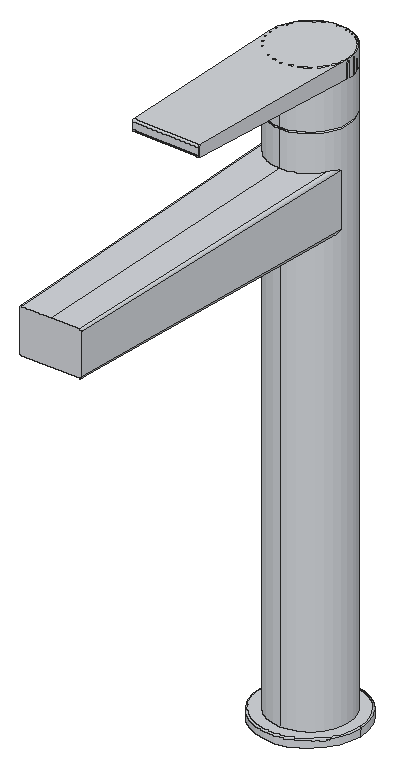
Revit family "Faucet-Lavatory-KOHLER-TAUT-K-29582IN_1", category Plumbing Fixtures, host Face, Revit 2017
Family settings
  Host = Face
  Round Connector Dimension = Use Diameter
  Part Type = Normal
  OmniClass Number = 23.31.11.00
  OmniClass Title = Faucets
  Cut with Voids When Loaded = No
  Shared = No
  Room Calculation Point = No
Parameters (values of type "CP-Polished Chrome")
  Width = 1.77165"  # constant formula
  WaterSense Certified = 1 = 0  # no
  Waste Water Outlet = "Waste Water Outlet"  # constant formula
  Waste Connection = 1 = 0  # no
  Vent Connection = 1 = 0  # no
  URL = "https://www.kohler.co.in/"
  Type = 1
  Spout Reach = 5.07874"  # constant formula
  Product Page URL = "https://www.kohler.co.in/product-detail/29582in-4?skuid=K-29582IN-4-CP"
  Product Name = "TAUT"  # constant formula
  Product Documentation Link = ""
  Pressure = 0.00 psi
  Model = "K-29582IN-4-CP"  # constant formula
  Material = "Brass Construction"  # constant formula
  Master Format 2014 Name = "Residential Faucets, Supplies, and Trim"  # constant formula
  Master Format 2014 = "22 41 39"  # constant formula
  Manufacturer Address = "Ambience Office Tower NH-8 Gurgaon / Gurugram Haryana , 122001\r\n"  # constant formula
  Manufacturer = "KOHLER Co."  # constant formula
  Length = Spout Reach  # 5.07874"
  Hot Water Inlet = "Hot Water Inlet"  # constant formula
  Height = 10.59055"  # constant formula
  Handle Clearance = 3.14961"  # constant formula
  HW Connection = 1 = 0  # no
  Flow Rate = 0 GPM
  Finish = Kohler-Metal-CP-Polished_Chrome
  Environmental Product Declaration = ""
  Drain Included = 1 = 0  # no
  Description = "Tall pillar tap-flat handle"  # constant formula
  Default Elevation = 36"
  Declare Label = ""
  Date Modified = "12/31/2020"  # constant formula
  Date Created = "12/31/2020"  # constant formula
  Copyright = "Copyright KOHLER Co."  # constant formula
  Contact Us = "https://www.kohler.co.in/contact-us"
  Cold Water Inlet = "Cold Water Inlet"  # constant formula
  CW Connection = 1 = 1  # yes
  Assembly Code = "D2010"
  ADA Compliant = 1 = 0  # no
Reference planes (in)
  plane 1 "Center (Front/Back)": y = 0
  plane 2: z = 0
  plane 3 "Center (Left/Right)": x = 0
  plane 4: x = 0.88652
  plane 5: x = -0.88513
  plane 6: y = 0.88773
  plane 7: y = -0.88773
  plane 8: z = 10.59055
  plane 9: y = -5.07874
  plane 10: x = -0.66929
  plane 11: x = 0.66929
  plane 12: y = -3.14961
  plane 13: z = 7.83465
Dimensions and locks (in)
  "Spout Reach": plane 1 "Center (Front/Back)" to plane 9
  "Height": level to plane 8
  plane 6 to plane 7 = 1.77546"
  locked: plane 11 to plane 10 at 1.33858
  "Width": plane 5 to plane 4
  "Handle Clearance": plane 12 to plane 1 "Center (Front/Back)"
  plane 13 to level = 7.83465"
  aligned and locked: plane 2 to host face
  aligned and locked: level to host face
Automatic sketch dimensions
  host sketch curve to host sketch curve = 96"  (x2)
Nested families (in)
  nested 1: "K-29582IN" at (0, 0, 0), type "K-29582IN"
Connectors (in)
  piping at (0, 0, 0), diameter 0.5, driven by "CW Connection", driven by "Cold Water Inlet"
    settings: on nested 1, index 1, connector inside diameter 24", connector length 0", flow factor 0, pipe flow 0 GPM, pressure drop 0.00 psi, fitting loss kfactor 0, connector angle 0.00°, fixture units 0, engagement length 0", angle of deflection 0.00°, flow configuration 0, flow direction 1, fitting loss method 0, system type 20, joint type 0, gender type 0, connector reference index -1, connector utility 1, adjustable connector no, is connector primary yes, connector description "Cold Water Inlet"
Definition of nested family "K-29582IN"
  Parameters (values of type "K-29582IN")
    Material = none
  Reference planes (in)
    plane 1 "Center (Front/Back)": y = 0
    plane 2: z = 0
    plane 3 "Center (Left/Right)": x = 0
    plane 4: y = -5.68758
    plane 5: y = -0.88773
    plane 6: x = 0.88652
    plane 7: y = -1.92524
    plane 8: z = 10.57067
    plane 9: y = -5.07874
    plane 10: z = 7.83465
    plane 11: z = 0.13781
    plane 12: y = 0.66929
    plane 13: y = -0.66929
    plane 14: y = 0.88773
    plane 15: x = -0.88652
  Forms (in)
    Sweep 1, solid, material <- "Material", detail levels medium+fine
      path origin (0, 0, 0) x (1, 0, 0) y (0, 1, 0)
        loop
          circle (0, 0) r 0.888
      profile origin (0, 0.888, 0) x (0, -1, 0) y (0, 0, 1)
        loop
          line (0, 0) -> (0.05267, 0) -> (0.05267, 0.13781) -> (0.02174, 0.13781)
          arc (0.02174, 0.13781) -> (0.00781, 0.13211) -> (0.00188, 0.11827) r 0.01986
          line (0.00188, 0.11827) -> (0, 0)
    Extrusion 2, solid, material <- "Material", detail levels medium+fine
      sketch origin (0, 0, 0) x (1, 0, 0) y (0, 1, 0)
        loop
          circle (0, 0) r 0.83534
      from 0 to 0.1378
    Revolve 3, solid, material <- "Material", detail levels medium+fine
      sketch origin (0, 0, 0) x (0, 1, 0) y (0, 0, 1)
        loop
          line (0, 0.13781) -> (0.66828, 0.13781) -> (0.66828, 9.533) -> (0.56099, 9.533) -> (0.56099, 9.56463) -> (0.66828, 9.56463) -> (0.66828, 10.5473)
          arc (0.66828, 10.5473) -> (0.66202, 10.56241) -> (0.64691, 10.56867) r 0.02137
          line (0.64691, 10.56867) -> (0, 10.56867) -> (0, 0.13781)
        axis (0, 10.56867) -> (0, 0.13781)
      angle from 0 to 360
    Blend 4, solid, material <- "Material", detail levels medium+fine
      base sketch origin (0, 0, -0.15247) x (1, 0, 0) y (0, 0, 1)
        loop
          arc (-0.5948, 9.0864) -> (-0.63775, 9.06861) -> (-0.65554, 9.02566) r 0.06074
          line (-0.65554, 9.02566) -> (-0.65554, 8.09553)
          arc (-0.65554, 8.09553) -> (-0.63775, 8.05258) -> (-0.5948, 8.03479) r 0.06074
          line (-0.5948, 8.03479) -> (0, 8.03479) -> (0.5948, 8.03479)
          arc (0.5948, 8.03479) -> (0.63775, 8.05258) -> (0.65554, 8.09553) r 0.06074
          line (0.65554, 8.09553) -> (0.65554, 9.02566)
          arc (0.65554, 9.02566) -> (0.63775, 9.06861) -> (0.5948, 9.0864) r 0.06074
          line (0.5948, 9.0864) -> (0, 9.0864) -> (-0.5948, 9.0864)
      top sketch origin (0, 0, -0.15247) x (1, 0, 0) y (0, 0, 1)
        loop
          line (0, 8.91904) -> (-0.51055, 8.91904)
          arc (-0.51055, 8.91904) -> (-0.53354, 8.90952) -> (-0.54307, 8.88652) r 0.03252
          line (-0.54307, 8.88652) -> (-0.54307, 8.17955)
          arc (-0.54307, 8.17955) -> (-0.53354, 8.15656) -> (-0.51055, 8.14703) r 0.03252
          line (-0.51055, 8.14703) -> (0, 8.14703) -> (0.51055, 8.14703)
          arc (0.51055, 8.14703) -> (0.53354, 8.15656) -> (0.54307, 8.17955) r 0.03252
          line (0.54307, 8.17955) -> (0.54307, 8.88652)
          arc (0.54307, 8.88652) -> (0.53354, 8.90952) -> (0.51055, 8.91904) r 0.03252
          line (0.51055, 8.91904) -> (0, 8.91904)
      from -0.05354 to 5.68758
    Revolve 5, solid, material <- "Material", detail levels medium+fine
      sketch origin (0, 0, 0) x (0, 1, 0) y (0, 0, 1)
        loop
          line (-4.74148, 7.86639) -> (-4.72346, 7.92187) -> (-4.52595, 8.02251) -> (-5.01149, 8.18027) -> (-5.10652, 7.88779)
          arc (-5.10652, 7.88779) -> (-4.9776, 7.85911) -> (-4.84556, 7.8622) r 0.54627
          line (-4.84556, 7.8622) -> (-4.77146, 7.83812)
          arc (-4.77146, 7.83812) -> (-4.75286, 7.84843) -> (-4.74148, 7.86639) r 0.04294
        axis (-5.01149, 8.18027) -> (-5.10652, 7.88779)
      angle from 0 to 360
    Revolve 6, solid, material <- "Material", detail levels coarse
      sketch origin (0, 0, 0) x (0, 1, 0) y (0, 0, 1)
        loop
          line (0, 0) -> (1.05382, 0) -> (1.05382, 0.19685) -> (0.75474, 0.19685) -> (0.75474, 10.60311) -> (0, 10.60311) -> (0, 0)
        axis (0, 10.60311) -> (0, 0)
      angle from 0 to 360
    Extrusion 7, solid, material <- "Material", detail levels coarse
      sketch origin (0, 0, 0) x (0, 1, 0) y (0, 0, 1)
        loop
          line (-0.21003, 9.27579) -> (-5.68758, 8.8684) -> (-5.68758, 7.69935) -> (-0.21003, 7.22013) -> (-0.21003, 9.27579)
      from -0.65554 to 0.65554
    Extrusion 8, solid, material <- "Material"
      sketch origin (0, 0, 0) x (1, 0, 0) y (0, 1, 0)
        loop
          circle (0, 0) r 0.11634
      from 0 to 0.06786
    Extrusion 9, solid, material <- "Material", detail levels medium+fine
      sketch origin (0, 0, 0) x (0, 1, 0) y (0, 0, 1)
        loop
          line (-3.16544, 10.53995) -> (-3.16544, 10.41485)
          arc (-3.16544, 10.41485) -> (-3.15587, 10.39175) -> (-3.13277, 10.38219) r 0.03267
          line (-3.13277, 10.38219) -> (0.72063, 10.24008) -> (0.72063, 10.57105) -> (-3.13434, 10.57105)
          arc (-3.13434, 10.57105) -> (-3.15633, 10.56194) -> (-3.16544, 10.53995) r 0.03109
      from -0.95083 to 0.97432
    Extrusion 10, void
      sketch origin (0, 0, 0) x (1, 0, 0) y (0, 1, 0)
        loop
          line (-0.54881, -3.17774) -> (0.5486, -3.17774)
          arc (0.5486, -3.17774) -> (0.5707, -3.16877) -> (0.5803, -3.14693) r 0.03171
          line (0.5803, -3.14693) -> (0.6693, -0.02021)
          arc (0.6693, -0.02021) -> (0, 0.66841) -> (-0.6693, -0.02021) r 0.66957
          line (-0.6693, -0.02021) -> (-0.58029, -3.14714)
          arc (-0.58029, -3.14714) -> (-0.57076, -3.16883) -> (-0.54881, -3.17774) r 0.0315
        loop
          line (1.04334, 0.97117) -> (-1.12201, 0.97117) -> (-1.12201, -3.55639) -> (1.04334, -3.55639) -> (1.04334, 0.97117)
      from 9.91743 to 10.95036
    Extrusion 11, solid, material <- "Material", detail levels coarse
      sketch origin (0, 0, 0) x (1, 0, 0) y (0, 1, 0)
        loop
          line (-0.6693, -3.17774) -> (0.6693, -3.17774) -> (0.6693, 0.00555)
          arc (0.6693, 0.00555) -> (0, 0.67486) -> (-0.6693, 0.00555) r 0.6693
          line (-0.6693, 0.00555) -> (-0.6693, -3.17774)
      from 10.23925 to 10.57105
  Cuts and joins
    joined: Sweep 1, Extrusion 2
    Extrusion 10 cuts Extrusion 9
    joined: Revolve 3, Blend 4
    joined: Revolve 6, Extrusion 7
  Lines and regions (in)
    Masking region 1
      outline origin (0, 0, 0) x (0, 1, 0) y (0, 0, 1)
        loop
          line (0, 0) -> (0.88773, 0) -> (0.88578, 0.11815)
          arc (0.88578, 0.11815) -> (0.87933, 0.13255) -> (0.86446, 0.13781) r 0.02003
          line (0.86446, 0.13781) -> (0.66929, 0.13781) -> (0.66929, 9.533) -> (0.56099, 9.533) -> (0.56099, 9.56463) -> (0.66929, 9.56463) -> (0.66929, 10.54884)
          arc (0.66929, 10.54884) -> (0.66258, 10.5646) -> (0.64656, 10.57067) r 0.02185
          line (0.64656, 10.57067) -> (-3.12953, 10.57067)
          arc (-3.12953, 10.57067) -> (-3.15456, 10.56358) -> (-3.16544, 10.53995) r 0.03109
          line (-3.16544, 10.53995) -> (-3.16544, 10.41485)
          arc (-3.16544, 10.41485) -> (-3.15587, 10.39175) -> (-3.13277, 10.38219) r 0.03267
          line (-3.13277, 10.38219) -> (-0.7455, 10.24902)
          arc (-0.7455, 10.24902) -> (-0.69136, 10.22389) -> (-0.66929, 10.16843) r 0.08071
          line (-0.66929, 10.16843) -> (-0.66929, 9.56463) -> (-0.56099, 9.56463) -> (-0.56099, 9.533) -> (-0.66929, 9.533)
          arc (-0.66929, 9.533) -> (-0.84407, 9.07883) -> (-1.2894, 8.88262) r 0.6335
          line (-1.2894, 8.88262) -> (-5.68758, 8.79126) -> (-5.68758, 8.03719)
          arc (-5.68758, 8.03719) -> (-5.67659, 8.0067) -> (-5.64867, 7.99023) r 0.0478
          arc (-5.64867, 7.99023) -> (-5.44368, 7.96052) -> (-5.23689, 7.94858) r 2.40194
          arc (-5.23689, 7.94858) -> (-5.17317, 7.91505) -> (-5.10652, 7.88779) r 0.74876
          arc (-5.10652, 7.88779) -> (-4.9776, 7.85911) -> (-4.84556, 7.8622) r 0.54627
          line (-4.84556, 7.8622) -> (-4.77146, 7.83812)
          arc (-4.77146, 7.83812) -> (-4.75286, 7.84843) -> (-4.74148, 7.86639) r 0.04294
          line (-4.74148, 7.86639) -> (-4.72894, 7.90499)
          arc (-4.72894, 7.90499) -> (-4.66447, 7.88195) -> (-4.60115, 7.85591) r 1.45905
          arc (-4.60115, 7.85591) -> (-3.83928, 7.84263) -> (-3.07753, 7.82333) r 96.37776
          arc (-3.07753, 7.82333) -> (-2.57296, 7.81659) -> (-2.06851, 7.80312) r 37.85739
          arc (-2.06851, 7.80312) -> (-1.7513, 7.79168) -> (-1.43534, 7.76134) r 5.31971
          arc (-1.43534, 7.76134) -> (-0.89069, 7.50351) -> (-0.66929, 6.94306) r 0.82006
          line (-0.66929, 6.94306) -> (-0.66929, 0.13781) -> (-0.86446, 0.13781)
          arc (-0.86446, 0.13781) -> (-0.87933, 0.13255) -> (-0.88578, 0.11815) r 0.02003
          line (-0.88578, 0.11815) -> (-0.88773, 0) -> (0, 0)
    Masking region 2
      outline origin (0, 0, 0) x (1, 0, 0) y (0, 0, 1)
        loop
          line (0, 0) -> (0.8866, 0) -> (0.88473, 0.1182)
          arc (0.88473, 0.1182) -> (0.8785, 0.13236) -> (0.86401, 0.13781) r 0.01995
          line (0.86401, 0.13781) -> (0.66929, 0.13781) -> (0.66929, 9.533) -> (0.56099, 9.533) -> (0.56099, 9.56463) -> (0.66929, 9.56463) -> (0.66929, 10.54924)
          arc (0.66929, 10.54924) -> (0.66116, 10.56736) -> (0.64222, 10.57333) r 0.02425
          line (0.64222, 10.57333) -> (0, 10.57333) -> (-0.64222, 10.57333)
          arc (-0.64222, 10.57333) -> (-0.66116, 10.56736) -> (-0.66929, 10.54924) r 0.02425
          line (-0.66929, 10.54924) -> (-0.66929, 9.56463) -> (-0.56099, 9.56463) -> (-0.56099, 9.533) -> (-0.66929, 9.533) -> (-0.66929, 0.13781) -> (-0.86401, 0.13781)
          arc (-0.86401, 0.13781) -> (-0.8785, 0.13236) -> (-0.88473, 0.1182) r 0.01995
          line (-0.88473, 0.1182) -> (-0.8866, 0) -> (0, 0)
    Masking region 3
      outline origin (0, 0, 0) x (1, 0, 0) y (0, 1, 0)
        loop
          line (-0.64354, -0.61189) -> (-0.54307, -5.68758) -> (0.54307, -5.68758) -> (0.64354, -0.61189)
          arc (0.64354, -0.61189) -> (0.82463, -0.32946) -> (0.888, 0) r 0.888
          arc (0.888, 0) -> (0, 0.888) -> (-0.888, 0) r 0.888
          arc (-0.888, 0) -> (-0.82463, -0.32946) -> (-0.64354, -0.61189) r 0.888
    symbolic lines, detail levels medium+fine
      curve 1: line (0, 0.66929, 0.13781) -> (0, -0.66929, 0.13781)
      curve 2: line (0, 0.66929, 9.533) -> (0, -0.66929, 9.533)
      curve 3: line (0, 0.66929, 9.56463) -> (0, -0.66929, 9.56463)
      curve 4: line (0, 0, 0.13781) -> (-0.66929, 0, 0.13781)
      curve 5: line (0.66929, 0, 0.13781) -> (0, 0, 0.13781)
      curve 6: line (0, 0, 9.533) -> (-0.66929, 0, 9.533)
      curve 7: line (0.66929, 0, 9.533) -> (0, 0, 9.533)
      curve 8: line (0, 0, 9.56463) -> (-0.66929, 0, 9.56463)
      curve 9: line (0.66929, 0, 9.56463) -> (0, 0, 9.56463)
      curve 10: line (-0.51055, 0, 7.99536) -> (0, 0, 7.99536)
      curve 11: arc (-0.54307, 0, 8.02788) -> (-0.53354, 0, 8.00489) -> (-0.51055, 0, 7.99536) r 0.03252
      curve 12: line (-0.54307, 0, 8.73485) -> (-0.54307, 0, 8.02788)
      curve 13: arc (-0.51055, 0, 8.76737) -> (-0.53354, 0, 8.75785) -> (-0.54307, 0, 8.73485) r 0.03252
      curve 14: line (0, 0, 8.76737) -> (-0.51055, 0, 8.76737)
      curve 15: line (0.51055, 0, 8.76737) -> (0, 0, 8.76737)
      curve 16: arc (0.54307, 0, 8.73485) -> (0.53354, 0, 8.75785) -> (0.51055, 0, 8.76737) r 0.03252
      curve 17: line (0.54307, 0, 8.02788) -> (0.54307, 0, 8.73485)
      curve 18: arc (0.51055, 0, 7.99536) -> (0.53354, 0, 8.00489) -> (0.54307, 0, 8.02788) r 0.03252
      curve 19: line (0, 0, 7.99536) -> (0.51055, 0, 7.99536)
      curve 20: spline (0, 0, 7.91872) -> (-0.02229, 0, 7.91941) -> (-0.0441, 0, 7.92147) -> (-0.06497, 0, 7.92487) -> (-0.08443, 0, 7.92951) -> (-0.10207, 0, 7.93531) -> (-0.11752, 0, 7.94214) -> (-0.13043, 0, 7.94985) -> (-0.14054, 0, 7.95828) -> (-0.14762, 0, 7.96724) -> (-0.15152, 0, 7.97654) -> (-0.15215, 0, 7.98598) -> (-0.14951, 0, 7.99536)
      curve 21: spline (0, 0, 7.91872) -> (0.02229, 0, 7.91941) -> (0.0441, 0, 7.92147) -> (0.06497, 0, 7.92487) -> (0.08443, 0, 7.92951) -> (0.10207, 0, 7.93531) -> (0.11752, 0, 7.94214) -> (0.13043, 0, 7.94985) -> (0.14054, 0, 7.95828) -> (0.14762, 0, 7.96724) -> (0.15152, 0, 7.97654) -> (0.15215, 0, 7.98598) -> (0.14951, 0, 7.99536)
      curve 22: line (-0.53354, 0, 8.75785) -> (-0.64994, 0, 8.87424)
      curve 23: arc (-0.64994, 0, 8.87424) -> (-0.66599, 0, 8.91444) -> (-0.66929, 0, 8.9576) r 0.14311
      curve 24: line (-0.53354, 0, 8.00489) -> (-0.64994, 0, 7.88849)
      curve 25: arc (-0.64994, 0, 7.88849) -> (-0.66599, 0, 7.84829) -> (-0.66929, 0, 7.80514) r 0.14311
      curve 26: line (0.53354, 0, 8.75785) -> (0.64994, 0, 8.87424)
      curve 27: arc (0.64994, 0, 8.87424) -> (0.66599, 0, 8.91444) -> (0.66929, 0, 8.9576) r 0.14311
      curve 28: line (0.53354, 0, 8.00489) -> (0.64994, 0, 7.88849)
      curve 29: arc (0.64994, 0, 7.88849) -> (0.66599, 0, 7.84829) -> (0.66929, 0, 7.80514) r 0.14311
      curve 30: arc (0, 0.66929, 0) -> (-0.46421, 0.48214, 0) -> (-0.66881, 0.02535, 0) r 0.66929
      curve 31: arc (0.66881, 0.02535, 0) -> (0.46421, 0.48214, 0) -> (0, 0.66929, 0) r 0.66929
      curve 32: line (0, 0.05269, 0) -> (-0.26703, 0.05269, 0)
      curve 33: line (-0.26703, 0.05269, 0) -> (-0.26703, 0, 0)
      curve 34: line (0, -0.05269, 0) -> (-0.26703, -0.05269, 0)
      curve 35: line (-0.26703, -0.05269, 0) -> (-0.26703, 0, 0)
      curve 36: line (0, 0.05269, 0) -> (0.26703, 0.05269, 0)
      curve 37: line (0.26703, 0.05269, 0) -> (0.26703, 0, 0)
      curve 38: line (0, -0.05269, 0) -> (0.26703, -0.05269, 0)
      curve 39: line (0.26703, -0.05269, 0) -> (0.26703, 0, 0)
      curve 40: arc (0, -4.98735, 7.95816) -> (0, -5.24314, 7.96454) -> (0, -5.49896, 7.96901) r 34.1936
      curve 41: arc (0, -4.98735, 7.95816) -> (0, -4.85668, 7.93872) -> (0, -4.72894, 7.90499) r 1.19693
      curve 42: line (0, -4.74148, 7.86639) -> (0, -5.02738, 7.95929)
      curve 43: line (0, -3.08313, 10.38035) -> (0, -0.02216, 10.2972)
      curve 44: arc (0, -0.02216, 10.2972) -> (0, -0.34134, 10.21077) -> (0, -0.66929, 10.16843) r 2.4325
      curve 45: line (-0.57378, 0, 10.53995) -> (-0.57378, 0, 10.41485)
      curve 46: line (-0.5807, 0, 10.38219) -> (-0.6693, 0, 10.2674)
      curve 47: line (-0.5807, 0, 10.38219) -> (0.5807, 0, 10.38219)
      curve 48: line (0.6693, 0, 10.2674) -> (0.5807, 0, 10.38219)
      curve 49: line (0.57368, 0, 10.41225) -> (0.57368, 0, 10.5374)
      curve 50: arc (-0.54696, 0, 10.57105) -> (-0.56615, 0, 10.56048) -> (-0.57378, 0, 10.53995) r 0.03144
      curve 51: arc (-0.57378, 0, 10.41485) -> (-0.565, 0, 10.39253) -> (-0.54335, 0, 10.38219) r 0.03275
      curve 52: arc (0.54696, 0, 10.57105) -> (0.56696, 0, 10.5595) -> (0.57368, 0, 10.5374) r 0.03144
      curve 53: arc (0.57368, 0, 10.41225) -> (0.56409, 0, 10.3916) -> (0.54335, 0, 10.38219) r 0.03275
      curve 54: arc (-0.6693, 0, 10.2674) -> (0, 0, 10.23468) -> (0.6693, 0, 10.2674) r 6.86023
      curve 55: arc (-0.66881, 0.02535, 0) -> (-0.66363, -0.29357, 0) -> (-0.64354, -0.61189, 0) r 6.81332
      curve 56: arc (0.66881, 0.02535, 0) -> (0.66363, -0.29357, 0) -> (0.64354, -0.61189, 0) r 6.81332
      curve 57: line (-0.58027, -3.14808, 0) -> (-0.63099, -1.24576, 0)
      curve 58: line (0.63386, -1.10085, 0) -> (0.5802, -3.15054, 0)
      curve 59: line (-0.56241, -3.16544, 0) -> (0.56486, -3.16544, 0)
      curve 60: arc (-0.56241, -3.16544, 0) -> (-0.57486, -3.16039, 0) -> (-0.58027, -3.14808, 0) r 0.01787
      curve 61: arc (0.5802, -3.15054, 0) -> (0.57555, -3.1611, 0) -> (0.56486, -3.16544, 0) r 0.01534
      curve 62: spline (-0.28461, 0, 7.99536) -> (-0.31092, 0, 7.97905) -> (-0.32754, 0, 7.96156) -> (-0.33395, 0, 7.94344) -> (-0.32994, 0, 7.92526) -> (-0.31565, 0, 7.90758) -> (-0.29152, 0, 7.89095) -> (-0.25829, 0, 7.87589) -> (-0.21702, 0, 7.86287) -> (-0.16897, 0, 7.8523) -> (-0.11566, 0, 7.84451) -> (-0.05875, 0, 7.83973) -> (0, 0, 7.83812)
      curve 63: spline (0, 0, 7.83812) -> (0.05875, 0, 7.83973) -> (0.11566, 0, 7.84451) -> (0.16897, 0, 7.8523) -> (0.21702, 0, 7.86287) -> (0.25829, 0, 7.87589) -> (0.29152, 0, 7.89095) -> (0.31565, 0, 7.90758) -> (0.32994, 0, 7.92526) -> (0.33395, 0, 7.94344) -> (0.32754, 0, 7.96156) -> (0.31092, 0, 7.97905) -> (0.28461, 0, 7.99536)
      curve 64: spline (-0.18714, 0, 7.99536) -> (-0.21726, 0, 7.98323) -> (-0.23928, 0, 7.96954) -> (-0.25237, 0, 7.95479) -> (-0.25603, 0, 7.93954) -> (-0.25013, 0, 7.92436) -> (-0.2349, 0, 7.90981) -> (-0.2109, 0, 7.89644) -> (-0.17902, 0, 7.88475) -> (-0.14046, 0, 7.87516) -> (-0.09666, 0, 7.86805) -> (-0.04925, 0, 7.86368) -> (0, 0, 7.8622)
      curve 65: spline (0, 0, 7.8622) -> (0.04925, 0, 7.86368) -> (0.09666, 0, 7.86805) -> (0.14046, 0, 7.87516) -> (0.17902, 0, 7.88475) -> (0.2109, 0, 7.89644) -> (0.2349, 0, 7.90981) -> (0.25013, 0, 7.92436) -> (0.25603, 0, 7.93954) -> (0.25237, 0, 7.95479) -> (0.23928, 0, 7.96954) -> (0.21726, 0, 7.98323) -> (0.18714, 0, 7.99536)
      curve 66: arc (-0.31858, 0, 7.91032) -> (-0.34908, 0, 7.94745) -> (-0.35289, 0, 7.99536) r 0.08024
      curve 67: arc (0.31858, 0, 7.91032) -> (0.34908, 0, 7.94745) -> (0.35289, 0, 7.99536) r 0.08024
  Dimensions and locks (in)
    locked: plane 8 to level at 10.57067
    plane 1 "Center (Front/Back)" to plane 4 = 5.68758"
    plane 1 "Center (Front/Back)" to plane 9 = 5.07874"
    locked: plane 10 to level at 7.83465
    plane 12 to plane 13 = 1.33858"
    locked: plane 1 "Center (Front/Back)" to plane 9 at 5.07874
    locked: plane 15 to plane 6 at 1.77304
    aligned and locked: level to plane 2
